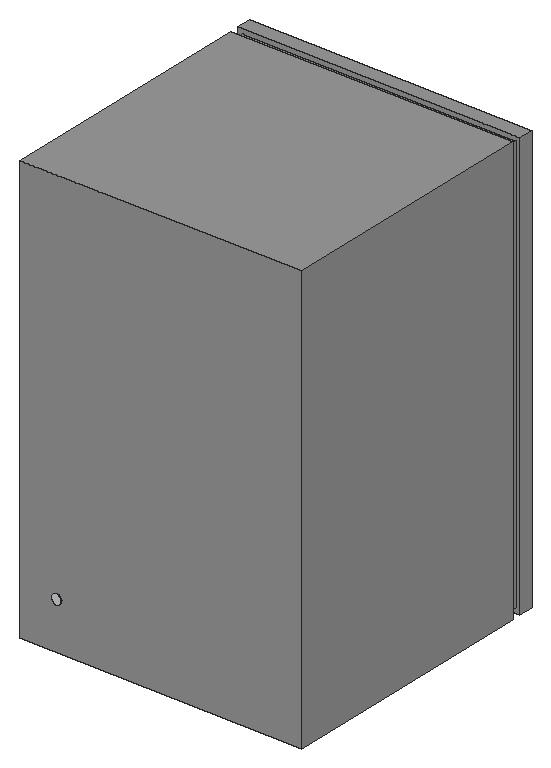
Revit family "Холодильник", category Оборудование, Revit 2017
Family settings
  Размер круглого соединителя = Использовать диаметр
  Тип детали = Нормальный
  На основе рабочей плоскости = Нет
  Всегда вертикально = Да
  При загрузке вырезать с полостями = Нет
  Общий = Нет
  Точка расчета площади = Нет
Parameters (values of type "ХФ-140")
  Общ_Ширина = 600.0 mm
  Общ_Тип, марка = "ХФ-140"
  Общ_Примечание = ""
  Общ_Поставщик = "Позис"
  Общ_Позиция = ""
  Общ_Напряжение = 220 V
  Общ_Наименование = "Холодильник фармацевтический, объём холодильной камеры 140 л"
  Общ_Мощность номинальная = 150 W
  Общ_Масса = "40"
  Общ_Код продукции = ""
  Общ_Задание = "ЭМ"
  Общ_Единицы измерения = "шт."
  Общ_Глубина = 610.0 mm
  Общ_Высота = 910.0 mm
  Keynote = ""
  Изготовитель = "Severin"
  Группа модели = "ТХ"  # constant formula
Types (4, lengths in mm): name | Общ_Ширина | Общ_Тип, марка | Общ_Поставщик | Общ_Позиция | Общ_Наименование | Общ_Мощность номинальная | Общ_Масса | Общ_Глубина | Общ_Высота
  Для миникухни | 445.0 | "RF-075" | "SUPRA" | "" | "Холодильник, объём холодильно камеры 69 л" | 200 W | "16" | 510.0 | 630.0
  Без морозилки | 600.0 | "542" | "Бирюса" | "" | "Холодильник, объём холодильно камеры 275 л" | 100 W | "53" | 625.0 | 1450.0
  Бирюса R108CA 480х605х865 | 600.0 | "542" | "Бирюса" | "97" | "Холодильник, объём холодильно камеры 275 л" | 100 W | "53" | 625.0 | 1450.0
  ХФ-140 | 600.0 | "ХФ-140" | "Позис" | "" | "Холодильник фармацевтический, объём холодильной камеры 140 л" | 150 W | "40" | 610.0 | 910.0
Reference planes
  plane 1 "По центру (Вперед/Назад)": y = 0
  plane 2: z = 0
  plane 3 "По центру (Влево/Вправо)": x = 0
  plane 4: y = 305
  plane 5: y = -305
  plane 6: x = 300
  plane 7: x = -300
  plane 8: z = 910
Forms (mm)
  Extrusion 1, solid, material "Сталь, окрашенная, слоновая кость, блестящая", detail levels fine
    sketch origin (-225, -250, 0) x (1, 0, 0) y (0, 1, 0)
      loop
        line (-75, -55) -> (525, -55) -> (525, 555) -> (-75, 555) -> (-75, -55)
    from 0 to 910
  Extrusion 2, void
    sketch origin (-225, -250, 0) x (1, 0, 0) y (0, 1, 0)
      loop
        line (525, 525) -> (515, 525) -> (515, 505) -> (525, 505) -> (525, 525)
      loop
        line (-65, 525) -> (-75, 525) -> (-75, 505) -> (-65, 505) -> (-65, 525)
    from 0 to 910
  Extrusion 3, void
    sketch origin (-300, 305, 0) x (0, 1, 0) y (0, 0, 1)
      loop
        line (-30, 910) -> (-50, 910) -> (-50, 900) -> (-30, 900) -> (-30, 910)
      loop
        line (-30, 10) -> (-50, 10) -> (-50, 0) -> (-30, 0) -> (-30, 10)
    from 0 to 600
  Extrusion 4, solid, detail levels fine
    sketch origin (-300, -305, 0) x (1, 0, 0) y (0, 0, 1)
      loop
        circle (77.334, 100.57) r 10
    from 0 to -10
Cuts and joins
  Extrusion 2, Extrusion 3 cuts Extrusion 1
Lines and regions (mm)
  symbolic lines, detail levels coarse+medium
    curve 1: line (-300, 255, 0) -> (-300, -305, 0)
    curve 2: line (-300, -305, 0) -> (300, -305, 0)
    curve 3: line (300, -305, 0) -> (300, 255, 0)
    curve 4: line (300, 255, 0) -> (-300, 255, 0)
    curve 5: line (300, 305, 0) -> (-300, 305, 0)
    curve 6: line (-300, 305, 0) -> (-300, 275, 0)
    curve 7: line (-300, 275, 0) -> (300, 275, 0)
    curve 8: line (300, 275, 0) -> (300, 305, 0)
    curve 9: line (-290, 255, 0) -> (-290, 275, 0)
    curve 10: line (290, 275, 0) -> (290, 255, 0)
Dimensions and locks
  "Общ_Глубина": plane 4 to plane 5
  "Общ_Ширина": plane 7 to plane 6
  equal spacing: plane 4, plane 1 "По центру (Вперед/Назад)", plane 5
  equal spacing: plane 7, plane 3 "По центру (Влево/Вправо)", plane 6
  locked: plane 4 to Extrusion 3 at 30
  locked: Extrusion 3 to Extrusion 3 at 20
  locked: Extrusion 2 to Extrusion 2 at 10  (x2)
  "Общ_Высота": plane 8 to level
  locked: Extrusion 1 to Extrusion 3 at 10
  aligned and locked: level to plane 2
  aligned and locked: Extrusion 1 to Extrusion 3  (x2)
  aligned and locked: Extrusion 1 to Extrusion 2  (x3)
  aligned and locked: Extrusion 1 to plane 5
  aligned and locked: Extrusion 1 to plane 6
  aligned and locked: Extrusion 1 to plane 7
  aligned and locked: Extrusion 3 to Extrusion 1
  aligned and locked: plane 8 to Extrusion 1
Automatic sketch dimensions
  Extrusion 1 sketch curve to plane 4 = 0.0 mm
  Extrusion 1 sketch curve to plane 7 = 0.0 mm
  Extrusion 1 sketch curve to plane 6 = 0.0 mm
  Extrusion 1 sketch curve to plane 5 = 0.0 mm
  Extrusion 2 sketch curve to plane 7 = 0.0 mm
  Extrusion 2 sketch curve to plane 6 = 0.0 mm
  Extrusion 2 sketch curve to Extrusion 2 sketch curve = 10.0 mm  (x2)
  Extrusion 2 sketch curve to plane 4 = 50.0 mm  (x2)
  Extrusion 2 sketch curve to Extrusion 2 sketch curve = 20.0 mm  (x2)
  Extrusion 1 to Extrusion 3 sketch curve = 0.0 mm
  Extrusion 3 sketch curve to Extrusion 1 = 0.0 mm
  Extrusion 3 sketch curve to Extrusion 1 = 50.0 mm  (x2)
  Extrusion 3 sketch curve to Extrusion 3 sketch curve = 20.0 mm  (x2)
  Extrusion 3 sketch curve to Extrusion 1 = 10.0 mm  (x2)
  Extrusion 1 to Extrusion 4 sketch curve = 77.334 mm
  Extrusion 1 to Extrusion 4 sketch curve = 100.57 mm
  curve 1 to plane 5 = 0.0 mm
  curve 1 to plane 7 = 0.0 mm
  curve 3 to plane 6 = 0.0 mm
  curve 3 to plane 4 = 50.0 mm
  curve 6 to plane 7 = 0.0 mm
  curve 5 to plane 4 = 0.0 mm
  curve 5 to plane 6 = 0.0 mm
  curve 3 to curve 7 = 20.0 mm
  plane 7 to curve 9 = 10.0 mm
  curve 10 to curve 3 = 10.0 mm
  radius of Extrusion 4 sketch curve = 10.0 mm
Connectors
  electrical at (-222.666, -305, 100.57), driven by "Общ_Напряжение", driven by "Общ_Мощность номинальная"
    settings: on Extrusion 4, index 1, voltage 220 V, apparent load 150 VA, apparent load phase1 0 VA, apparent load phase2 0 VA, apparent load phase3 0 VA, power factor 1, load classification "Прочее", number of poles 1, system type 30, power factor state 1, is connector primary yes, connector utility no, sub classification motor no, connector description ""
